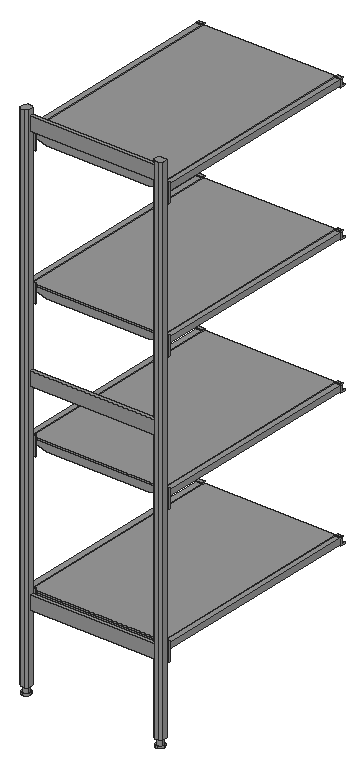
Revit family "QF_ZANUSSI_137070_CLS740", category Attrezzature speciali, Revit 2020
Family settings
  Quota connettore circolare = Usa diametro
  Tipo di parte = Normale
  Basato su piano di lavoro = No
  Sempre verticale = Sì
  Taglio con vuoti quando caricato = No
  Condiviso = No
  Punto di calcolo locali = No
Parameters (values of type "Standard")
  Weight = 15.00 kg
  Watts = 0 W
  Volts = 0 V
  URL Manufacturer = "http://www.zanussiprofessional.com"
  URL = "http://www.zanussiprofessional.com"
  Steam Supply Size = 0 mm
  Steam Supply Minimum Pressure = 0.0 Pa
  Steam Supply Maximum Pressure = 0.0 Pa
  Steam Consumption per Hour = 0
  Refrigeration Suction Line Size = 0.0 mm
  Refrigeration Liquid Line Size = 0.0 mm
  Refrigerant Compressor Remote = yes
  Prospetto di default = 0.0 mm
  Phase = 0
  Modello = "CLS740"
  Produttore = "Zanussi"
  Length Actual = 744.0 mm  # constant formula
  Item Number = "137070"
  Hot Water Size = 0 mm
  Height Actual = 1700.0 mm  # constant formula
  HP = "0 HP"
  Gas Size = 0 mm
  Gas KW = 0
  Gas Input Pressure = 0 W
  Direct Waste Size = 0 mm
  Descrizione = "ALUM.CORNER SHELV.-POLY.TIERS-475X744MM"
  Depth Actual = 475.0 mm  # constant formula
  Cycle = 0 Hz
  Condensate Return Size = 0 mm
  Compressed Air Volume = 0.0 L/s
  Compressed Air Size = 0 mm
  Compressed Air Pressure = 0.0 Pa
  Cold Water Size = 0 mm
  Accessory = yes
Reference planes
  plane 1: z = 0
  plane 2 "Center (F/B)": y = -163.5
  plane 3 "Front": y = -549.5
  plane 4 "Left": x = -217.5
  plane 5 "Right": x = 257.5
  plane 6 "TOP": z = 1700
  plane 7: y = -517.5
  plane 8: y = 190.5
  plane 9 "Center (Left/Right)": x = 20
  plane 10: y = 185.5
  plane 11: x = -186
  plane 12: x = 226
  plane 13 "FEET": z = 25
  plane 14: z = 275
  plane 15: z = 725
  plane 16: z = 1175
  plane 17: z = 1625
  plane 18 "CXLeft": y = -535.5
  plane 19: x = -200
  plane 20 "CYBack": x = -200
  plane 21 "CYFront": x = 138
  plane 22 "Back": y = 194.5
  plane 23 "LEFT_ORIGIN": x = -251.5
  plane 24 "BACK_Origin": y = 669.5
Forms (mm)
  Extrusion 1, solid, material "QF_Aluminum"
    sketch origin (0, -549.5, 0) x (-1, 0, 0) y (0, 0, 1)
      loop
        line (198.5, 1650.994) -> (198.5, 1632.998) -> (217.5, 1632.998) -> (217.5, 1650.994) -> (198.5, 1650.994)
      loop
        line (-238.5, 1650.994) -> (-257.5, 1650.994) -> (-257.5, 1632.998) -> (-238.5, 1632.998) -> (-238.5, 1650.994)
      loop
        line (198.5, 1200.994) -> (198.5, 1182.998) -> (217.5, 1182.998) -> (217.5, 1200.994) -> (198.5, 1200.994)
      loop
        line (-238.522, 1200.994) -> (-257.5, 1200.994) -> (-257.5, 1182.998) -> (-238.522, 1182.998) -> (-238.522, 1200.994)
      loop
        line (198.5, 750.994) -> (198.5, 732.998) -> (217.5, 732.998) -> (217.5, 750.994) -> (198.5, 750.994)
      loop
        line (-238.522, 750.994) -> (-257.5, 750.994) -> (-257.5, 732.998) -> (-238.522, 732.998) -> (-238.522, 750.994)
      loop
        line (198.5, 300.994) -> (198.5, 282.998) -> (217.5, 282.998) -> (217.5, 300.994) -> (198.5, 300.994)
      loop
        line (-238.522, 300.994) -> (-257.5, 300.994) -> (-257.5, 282.998) -> (-238.522, 282.998) -> (-238.522, 300.994)
    from 32 to 740
  Extrusion 2, solid, material "QF_Polyethylene"
    sketch origin (0, -549.5, 0) x (-1, 0, 0) y (0, 0, 1)
      loop
        line (196.507, 1650.994) -> (-236.522, 1650.994) -> (-236.522, 1644.496) -> (196.507, 1644.496) -> (196.507, 1650.994)
      loop
        line (196.507, 1200.994) -> (-236.522, 1200.994) -> (-236.522, 1194.496) -> (196.507, 1194.496) -> (196.507, 1200.994)
      loop
        line (196.507, 750.994) -> (-236.522, 750.994) -> (-236.522, 744.496) -> (196.507, 744.496) -> (196.507, 750.994)
      loop
        line (196.507, 300.994) -> (-236.522, 300.994) -> (-236.522, 294.496) -> (196.507, 294.496) -> (196.507, 300.994)
    from 32 to 740
Lines and regions (mm)
  symbolic lines
    curve 1: line (-198.5, 190.5, 1700) -> (-198.5, -517.5, 1700)
    curve 2: line (-217.5, -521.5, 1700) -> (-217.5, 190.5, 1700)
    curve 3: line (257.5, -521.5, 1700) -> (257.5, 190.5, 1700)
    curve 4: line (-181.507, -517.5, 1700) -> (221.507, -517.5, 1700)
    curve 5: line (238.522, -517.5, 1700) -> (238.522, 190.5, 1700)
    curve 6: line (-198.5, 190.5, 1700) -> (238.522, 190.5, 1700)
Dimensions and locks
  plane 3 "Front" to plane 2 "Center (F/B)" = 386.0 mm
  locked: plane 6 "TOP" to level at 1700
  locked: plane 4 "Left" to plane 5 "Right" at 475
  locked: plane 7 to plane 8 at 708
  locked: plane 3 "Front" to plane 7 at 32
  plane 10 to plane 8 = 5.0 mm
  locked: plane 11 to plane 12 at 412
  equal spacing: plane 11, plane 9 "Center (Left/Right)", plane 12
  equal spacing: plane 4 "Left", plane 9 "Center (Left/Right)", plane 5 "Right"
  plane 13 "FEET" to level = 25.0 mm
  plane 6 "TOP" to plane 13 "FEET" = 1675.0 mm
  plane 14 to plane 13 "FEET" = 250.0 mm
  plane 15 to plane 14 = 450.0 mm
  plane 16 to plane 15 = 450.0 mm
  plane 17 to plane 16 = 450.0 mm
  locked: plane 3 "Front" to plane 18 "CXLeft" at 14
  locked: plane 3 "Front" to plane 22 "Back" at 744
  plane 23 "LEFT_ORIGIN" to plane 5 "Right" = 509.0 mm
  locked: plane 22 "Back" to plane 24 "BACK_Origin" at 475
  aligned and locked: level to plane 1
  aligned and locked: Extrusion 2 to plane 7
  aligned and locked: plane 8 to Extrusion 2
  aligned and locked: Extrusion 1 to plane 7
  aligned and locked: plane 8 to Extrusion 1
  aligned and locked: Extrusion 1 sketch curve to Extrusion 1 sketch curve  (x2)
  aligned and locked: plane 18 "CXLeft" to nested 1
  aligned and locked: nested 2 to plane 10
Automatic sketch dimensions
  curve 2 to plane 4 "Left" = 0.0 mm
  curve 3 to plane 5 "Right" = 0.0 mm
  plane 7 to curve 1 = 0.0 mm
  plane 7 to curve 4 = 0.0 mm
  plane 7 to curve 5 = 0.0 mm
  plane 8 to curve 2 = 0.0 mm
  plane 8 to curve 1 = 0.0 mm
  plane 8 to curve 3 = 0.0 mm
  curve 5 to plane 21 "CYFront" = 100.522 mm
  plane 19 to curve 6 = 1.5 mm
  plane 7 to curve 3 = 4.0 mm
  plane 7 to curve 2 = 4.0 mm
  plane 12 to curve 4 = 4.493 mm
  curve 4 to plane 11 = 4.493 mm
  plane 5 "Right" to Extrusion 1 sketch curve = 0.0 mm  (x4)
  plane 4 "Left" to Extrusion 1 sketch curve = 0.0 mm  (x4)
  Extrusion 1 sketch curve to plane 21 "CYFront" = 100.522 mm
  Extrusion 1 sketch curve to plane 21 "CYFront" = 100.5 mm
  plane 19 to Extrusion 1 sketch curve = 1.5 mm  (x4)
  plane 14 to Extrusion 1 sketch curve = 7.998 mm  (x2)
  Extrusion 1 sketch curve to Extrusion 1 sketch curve = 17.997 mm  (x8)
  plane 15 to Extrusion 1 sketch curve = 7.998 mm  (x2)
  plane 16 to Extrusion 1 sketch curve = 7.998 mm  (x2)
  plane 17 to Extrusion 1 sketch curve = 7.998 mm  (x2)
  Extrusion 2 sketch curve to plane 21 "CYFront" = 98.522 mm  (x4)
  plane 19 to Extrusion 2 sketch curve = 3.493 mm  (x4)
  plane 14 to Extrusion 2 sketch curve = 19.496 mm
  Extrusion 2 sketch curve to Extrusion 2 sketch curve = 6.499 mm  (x4)
  plane 15 to Extrusion 2 sketch curve = 19.496 mm
  plane 16 to Extrusion 2 sketch curve = 19.496 mm
  plane 17 to Extrusion 2 sketch curve = 19.496 mm
Nested families
  nested 1: "WT_Anta475" at (-194.5, -132.5, 0) x (0, 1, 0) z (0, 0, 1), type "WT_Anta475"
  nested 2: "WT_Aggancio475" at (-194.5, 602.5, 0) x (0, 1, 0) z (0, 0, 1), type "WT_Aggancio475"
Definition of nested family "WT_Anta475"
  Parameters
    WidthLeft = A + 64.0 mm  # 772.0 mm
    Width = 1606.0 mm
    Right = WidthLeft / 2  # 386.0 mm
    Default Elevation = 0.0 mm
    Left = -WidthLeft / 2  # -386.0 mm
    Height = 1725.0 mm
    FEET = 25.0 mm
    E = 0.0 mm
    Dint = Depth - 63.0 mm  # 412.0 mm
    Dext = Depth - 8.0 mm  # 467.0 mm
    Depth = 475.0 mm
    DX = (WidthLeft - A) / 2  # 32.0 mm
    B = 798.0 mm
    A = 708.0 mm
  Reference planes
    plane 1: z = 0
    plane 2 "LEFT": x = -417
    plane 3 "BACK": y = 23
    plane 4 "FRONT": y = -452
    plane 5 "TOP": z = 1725
    plane 6 "Center (Front/Back)": y = -214.5
    plane 7: y = -8.5
    plane 8: y = -420.5
    plane 9 "FEET": z = 25
    plane 10: z = 275
    plane 11: z = 725
    plane 12: z = 1175
    plane 13: z = 1625
    plane 14 "CXLeft": x = -403
    plane 15: y = 5.5
    plane 16 "CYBack": y = 5.5
    plane 17 "CYFront": y = -434.5
    plane 18: x = -385.031
    plane 19: x = -380.031
  Forms (mm)
    Extrusion 1, solid
      sketch origin (0, 0, 0) x (1, 0, 0) y (0, 1, 0)
        loop
          line (-417, 13.246) -> (-417, -2.246) -> (-410.746, -8.5) -> (-395.254, -8.5) -> (-389, -2.246) -> (-389, 13.246) -> (-395.254, 19.5) -> (-410.746, 19.5) -> (-417, 13.246)
      from 1725 to 25
    Extrusion 2, solid
      sketch origin (-417, 0, 0) x (0, 1, 0) y (0, 0, 1)
        loop
          line (23, 246.005) -> (23, 307.993) -> (-12.993, 307.993) -> (-12.993, 246.005) -> (23, 246.005)
        loop
          line (-452, 246.005) -> (-416.007, 246.005) -> (-416.007, 307.993) -> (-452, 307.993) -> (-452, 246.005)
        loop
          line (23, 696.005) -> (23, 757.993) -> (-12.993, 757.993) -> (-12.993, 696.005) -> (23, 696.005)
        loop
          line (-452, 696.005) -> (-416.007, 696.005) -> (-416.007, 757.993) -> (-452, 757.993) -> (-452, 696.005)
        loop
          line (23, 1146.005) -> (23, 1207.993) -> (-12.993, 1207.993) -> (-12.993, 1146.005) -> (23, 1146.005)
        loop
          line (-452, 1146.005) -> (-416.007, 1146.005) -> (-416.007, 1207.993) -> (-452, 1207.993) -> (-452, 1146.005)
        loop
          line (23, 1596.005) -> (23, 1657.993) -> (-12.993, 1657.993) -> (-12.993, 1596.005) -> (23, 1596.005)
        loop
          line (-452, 1596.005) -> (-416.007, 1596.005) -> (-416.007, 1657.993) -> (-452, 1657.993) -> (-452, 1596.005)
      from 28 to 32
    Revolve 3, solid
      sketch origin (-403, 0, 0) x (0, 1, 0) y (0, 0, 1)
        loop
          line (5.5, 25) -> (5.5, 0) -> (19, 0) -> (19, 5) -> (14, 5) -> (14, 25) -> (5.5, 25)
        axis (5.5, 25) -> (5.5, 0)
      angle from 0 to 360
    Extrusion 4, solid
      sketch origin (-403, 0, 0) x (0, 1, 0) y (0, 0, 1)
        loop
          line (-8.5, 912.382) -> (-8.5, 957.374) -> (-420.5, 957.374) -> (-420.5, 912.382) -> (-8.5, 912.382)
        loop
          line (-8.5, 1662.244) -> (-8.5, 1707.236) -> (-420.5, 1707.236) -> (-420.5, 1662.244) -> (-8.5, 1662.244)
      from -5 to 5
    Revolve 5, solid
      sketch origin (-403, -627, 0) x (0, -1, 0) y (0, 0, 1)
        loop
          line (-192.5, 25) -> (-192.5, 0) -> (-179, 0) -> (-179, 5) -> (-184, 5) -> (-184, 25) -> (-192.5, 25)
        axis (-192.5, 25) -> (-192.5, 0)
      angle from 0 to 360
    Extrusion 6, solid
      sketch origin (0, -627, 0) x (1, 0, 0) y (0, 1, 0)
        loop
          line (-417, 184.754) -> (-410.746, 178.5) -> (-395.254, 178.5) -> (-389, 184.754) -> (-389, 200.246) -> (-395.254, 206.5) -> (-410.746, 206.5) -> (-417, 200.246) -> (-417, 184.754)
      from 1725 to 25
    Extrusion 7, solid
      sketch origin (-417.031, -0.022, 0) x (0, 1, 0) y (0, 0, -1)
        loop
          line (-12, -1632.998) -> (-46, -1620.994) -> (-383, -1620.994) -> (-417, -1632.998) -> (-433, -1632.998) -> (-433, -1650.994) -> (-431, -1650.994) -> (-431, -1644.496) -> (2.007, -1644.496) -> (2.007, -1650.994) -> (4, -1650.994) -> (4, -1632.998) -> (-12, -1632.998)
        loop
          line (-12, -1182.998) -> (-46, -1170.994) -> (-383, -1170.994) -> (-417, -1182.998) -> (-433, -1182.998) -> (-433, -1200.994) -> (-431, -1200.994) -> (-431, -1194.496) -> (2.007, -1194.496) -> (2.007, -1200.994) -> (4, -1200.994) -> (4, -1182.998) -> (-12, -1182.998)
        loop
          line (-12, -732.998) -> (-46, -720.994) -> (-383, -720.994) -> (-417, -732.998) -> (-433, -732.998) -> (-433, -750.994) -> (-431, -750.994) -> (-431, -744.496) -> (2.007, -744.496) -> (2.007, -750.994) -> (4, -750.994) -> (4, -732.998) -> (-12, -732.998)
        loop
          line (-12, -282.998) -> (-46, -270.994) -> (-383, -270.994) -> (-417, -282.998) -> (-433, -282.998) -> (-433, -300.994) -> (-431, -300.994) -> (-431, -294.496) -> (2.007, -294.496) -> (2.007, -300.994) -> (4, -300.994) -> (4, -282.998) -> (-12, -282.998)
      from -32 to -37
    Extrusion 8, solid
      sketch origin (-403, 0, -659.878) x (0, 1, 0) y (0, 0, 1)
        loop
          line (-8.5, 912.382) -> (-8.5, 957.374) -> (-420.5, 957.374) -> (-420.5, 912.382) -> (-8.5, 912.382)
        loop
          line (-8.5, 1572.382) -> (-8.5, 1617.374) -> (-420.5, 1617.374) -> (-420.5, 1572.382) -> (-8.5, 1572.382)
        loop
          line (-8.5, 2322.382) -> (-8.5, 2367.374) -> (-420.5, 2367.374) -> (-420.5, 2322.382) -> (-8.5, 2322.382)
      from -5 to 5
  Lines and regions (mm)
    symbolic lines
      curve 1: line (-408, -8.5, 1725) -> (-408, -420.5, 1725)
      curve 2: line (-398, -420.5, 1725) -> (-398, -8.5, 1725)
      curve 3: line (-395.254, -8.5, 1725) -> (-410.746, -8.5, 1725)
      curve 4: line (-417, -2.246, 1725) -> (-410.746, -8.5, 1725)
      curve 5: line (-417, 13.246, 1725) -> (-417, -2.246, 1725)
      curve 6: line (-410.746, 19.5, 1725) -> (-417, 13.246, 1725)
      curve 7: line (-395.254, 19.5, 1725) -> (-410.746, 19.5, 1725)
      curve 8: line (-389, 13.246, 1725) -> (-395.254, 19.5, 1725)
      curve 9: line (-395.254, -8.5, 1725) -> (-389, -2.246, 1725)
      curve 10: line (-395.254, -420.5, 1725) -> (-410.746, -420.5, 1725)
      curve 11: line (-417, -426.754, 1725) -> (-410.746, -420.5, 1725)
      curve 12: line (-410.746, -448.5, 1725) -> (-417, -442.246, 1725)
      curve 13: line (-395.254, -448.5, 1725) -> (-410.746, -448.5, 1725)
      curve 14: line (-389, -442.246, 1725) -> (-395.254, -448.5, 1725)
      curve 15: line (-395.254, -420.5, 1725) -> (-389, -426.754, 1725)
      curve 16: line (-389, -452, 1725) -> (-389, -416.007, 1725)
      curve 17: line (-389, -416.007, 1725) -> (-385, -416.007, 1725)
      curve 18: line (-389, 23, 1725) -> (-389, -12.993, 1725)
      curve 19: line (-389, -12.993, 1725) -> (-385, -12.993, 1725)
      curve 20: line (-417, -426.754, 1725) -> (-417, -442.246, 1725)
      curve 21: line (-385, -452, 1725) -> (-385, -416.007, 1725)
      curve 22: line (-385, -452, 1725) -> (-389, -452, 1725)
      curve 23: line (-385, 23, 1725) -> (-389, 23, 1725)
      curve 24: line (-385, -12.993, 1725) -> (-385, 23, 1725)
      curve 25: line (-385.031, -13.016, 1725) -> (-385.031, -416.029, 1725)
  Dimensions and locks
    "Height": plane 5 "TOP" to level
    "Depth": plane 3 "BACK" to plane 4 "FRONT"
    "Dint": plane 7 to plane 8
    equal spacing: plane 7, plane 6 "Center (Front/Back)", plane 8
    equal spacing: plane 3 "BACK", plane 6 "Center (Front/Back)", plane 4 "FRONT"
    plane 9 "FEET" to level = 25.0 mm
    plane 5 "TOP" to plane 9 "FEET" = 1700.0 mm
    plane 10 to plane 9 "FEET" = 250.0 mm
    plane 11 to plane 10 = 450.0 mm
    plane 12 to plane 11 = 450.0 mm
    plane 13 to plane 12 = 450.0 mm
    locked: plane 2 "LEFT" to plane 14 "CXLeft" at 14
    locked: plane 3 "BACK" to plane 16 "CYBack" at 17.5
    locked: plane 17 "CYFront" to plane 4 "FRONT" at 17.5
    locked: Revolve 3 sketch curve to Revolve 3 sketch curve at 8.5
    locked: Revolve 3 sketch curve to plane 16 "CYBack" at 13.5
    locked: Revolve 5 sketch curve to Revolve 5 sketch curve at 8.5
    aligned and locked: level to plane 1
    aligned and locked: curve 20 to Extrusion 6
    aligned and locked: plane 5 "TOP" to Extrusion 1
    aligned and locked: plane 5 "TOP" to Extrusion 6
    aligned and locked: Extrusion 7 sketch curve to Extrusion 7 sketch curve  (x3)
  Automatic sketch dimensions
    curve 16 to plane 4 "FRONT" = 0.0 mm
    curve 11 to plane 8 = 0.0 mm
    curve 9 to plane 7 = 0.0 mm
    curve 5 to plane 2 "LEFT" = 0.0 mm
    curve 23 to plane 3 "BACK" = 0.0 mm
    plane 4 "FRONT" to curve 13 = 3.5 mm
    curve 20 to plane 17 "CYFront" = 7.746 mm
    curve 20 to plane 8 = 6.254 mm
    plane 8 to curve 16 = 4.493 mm
    curve 24 to plane 18 = 0.031 mm
    curve 24 to plane 7 = 4.493 mm
    plane 7 to curve 5 = 6.254 mm
    curve 5 to plane 15 = 7.746 mm
    curve 6 to plane 3 "BACK" = 3.5 mm
    curve 21 to plane 18 = 0.031 mm
    plane 18 to curve 23 = 3.969 mm
    plane 18 to curve 16 = 3.969 mm
    curve 18 to curve 8 = 6.254 mm
    curve 18 to curve 3 = 6.254 mm
    curve 16 to curve 13 = 6.254 mm
    curve 16 to curve 15 = 6.254 mm
    plane 2 "LEFT" to curve 10 = 6.254 mm
    plane 2 "LEFT" to curve 7 = 6.254 mm
    plane 2 "LEFT" to curve 12 = 6.254 mm
    plane 2 "LEFT" to curve 3 = 6.254 mm
    curve 14 to plane 17 "CYFront" = 7.746 mm
    curve 15 to plane 8 = 6.254 mm
    plane 7 to curve 9 = 6.254 mm
    curve 8 to plane 15 = 7.746 mm
    curve 3 to curve 2 = 2.746 mm
    curve 1 to curve 10 = 2.746 mm
    Extrusion 1 sketch curve to plane 2 "LEFT" = 0.0 mm
    Extrusion 1 sketch curve to plane 7 = 0.0 mm
    plane 2 "LEFT" to Extrusion 1 sketch curve = 6.254 mm  (x2)
    plane 14 "CXLeft" to Extrusion 1 sketch curve = 7.746 mm  (x2)
    Extrusion 1 sketch curve to plane 3 "BACK" = 3.5 mm
    plane 18 to Extrusion 1 sketch curve = 3.969 mm
    plane 7 to Extrusion 1 sketch curve = 6.254 mm  (x2)
    Extrusion 1 sketch curve to plane 15 = 7.746 mm  (x2)
    Extrusion 2 sketch curve to plane 4 "FRONT" = 0.0 mm  (x4)
    Extrusion 2 sketch curve to plane 3 "BACK" = 0.0 mm  (x4)
    plane 8 to Extrusion 2 sketch curve = 4.493 mm  (x4)
    Extrusion 2 sketch curve to plane 7 = 4.493 mm  (x4)
    Extrusion 2 sketch curve to plane 10 = 28.995 mm  (x2)
    plane 10 to Extrusion 2 sketch curve = 32.993 mm  (x2)
    Extrusion 2 sketch curve to plane 11 = 28.995 mm  (x2)
    plane 11 to Extrusion 2 sketch curve = 32.993 mm  (x2)
    Extrusion 2 sketch curve to plane 12 = 28.995 mm  (x2)
    plane 12 to Extrusion 2 sketch curve = 32.993 mm  (x2)
    Extrusion 2 sketch curve to plane 13 = 28.995 mm  (x2)
    plane 13 to Extrusion 2 sketch curve = 32.993 mm  (x2)
    Revolve 3 sketch curve to plane 9 "FEET" = 0.0 mm  (x2)
    Revolve 3 sketch curve to plane 15 = 0.0 mm  (x2)
    Revolve 3 sketch curve to level = 0.0 mm
    level to Revolve 3 sketch curve = 5.0 mm
    Revolve 3 sketch curve to Revolve 3 sketch curve = 11.655 mm
    Extrusion 4 sketch curve to plane 8 = 0.0 mm  (x2)
    Extrusion 4 sketch curve to plane 7 = 0.0 mm  (x2)
    plane 11 to Extrusion 4 sketch curve = 187.382 mm
    Extrusion 4 sketch curve to Extrusion 4 sketch curve = 44.992 mm
    plane 13 to Extrusion 4 sketch curve = 37.244 mm
    Extrusion 4 sketch curve to plane 5 "TOP" = 17.764 mm
    Revolve 5 sketch curve to plane 9 "FEET" = 0.0 mm  (x2)
    Revolve 5 sketch curve to plane 17 "CYFront" = 0.0 mm  (x2)
    Revolve 5 sketch curve to level = 0.0 mm
    Revolve 5 sketch curve to plane 4 "FRONT" = 4.0 mm
    Revolve 5 sketch curve to Revolve 5 sketch curve = 5.0 mm
    level to Revolve 5 sketch curve = 11.655 mm
    Extrusion 6 sketch curve to plane 2 "LEFT" = 0.0 mm
    Extrusion 6 sketch curve to plane 8 = 0.0 mm
    Extrusion 6 sketch curve to plane 2 "LEFT" = 6.254 mm  (x2)
    Extrusion 6 sketch curve to plane 14 "CXLeft" = 7.746 mm  (x2)
    Extrusion 6 sketch curve to plane 4 "FRONT" = 3.5 mm
    Extrusion 6 sketch curve to plane 18 = 3.969 mm
    plane 8 to Extrusion 6 sketch curve = 6.254 mm  (x2)
    plane 17 "CYFront" to Extrusion 6 sketch curve = 7.746 mm  (x2)
    plane 17 "CYFront" to Extrusion 7 sketch curve = 1.478 mm  (x4)
    Extrusion 7 sketch curve to Extrusion 7 sketch curve = 2.0 mm
    plane 8 to Extrusion 7 sketch curve = 3.478 mm  (x4)
    Extrusion 7 sketch curve to plane 10 = 4.006 mm
    Extrusion 7 sketch curve to Extrusion 7 sketch curve = 34.0 mm  (x4)
    Extrusion 7 sketch curve to plane 11 = 4.006 mm
    Extrusion 7 sketch curve to plane 12 = 4.006 mm
    Extrusion 7 sketch curve to plane 13 = 4.006 mm
    Extrusion 7 sketch curve to plane 7 = 37.522 mm  (x4)
    Extrusion 7 sketch curve to plane 7 = 3.522 mm  (x4)
    plane 15 to Extrusion 7 sketch curve = 3.516 mm  (x4)
    plane 15 to Extrusion 7 sketch curve = 1.522 mm  (x4)
    plane 13 to Extrusion 7 sketch curve = 7.998 mm  (x2)
    Extrusion 7 sketch curve to Extrusion 7 sketch curve = 11.498 mm
    Extrusion 7 sketch curve to Extrusion 7 sketch curve = 6.499 mm  (x5)
    plane 12 to Extrusion 7 sketch curve = 25.994 mm  (x2)
    plane 12 to Extrusion 7 sketch curve = 7.998 mm  (x2)
    plane 11 to Extrusion 7 sketch curve = 25.994 mm  (x2)
    plane 11 to Extrusion 7 sketch curve = 7.998 mm  (x2)
    plane 10 to Extrusion 7 sketch curve = 25.994 mm  (x2)
    plane 10 to Extrusion 7 sketch curve = 7.998 mm  (x2)
    curve 25 to plane 18 = 0.0 mm
    plane 8 to curve 25 = 4.471 mm
    curve 25 to plane 7 = 4.516 mm
    Extrusion 8 sketch curve to plane 8 = 0.0 mm  (x3)
    Extrusion 8 sketch curve to plane 7 = 0.0 mm  (x3)
    Extrusion 8 sketch curve to plane 10 = 22.496 mm
    plane 10 to Extrusion 8 sketch curve = 22.496 mm
    plane 11 to Extrusion 8 sketch curve = 187.504 mm
    Extrusion 8 sketch curve to Extrusion 8 sketch curve = 44.992 mm
    plane 13 to Extrusion 8 sketch curve = 37.504 mm
    Extrusion 8 sketch curve to plane 5 "TOP" = 17.504 mm
Definition of nested family "WT_Aggancio475"
  Parameters
    WidthLeft = A + 64.0 mm  # 772.0 mm
    Width = 1606.0 mm
    Right = WidthLeft / 2  # 386.0 mm
    Default Elevation = 0.0 mm
    Left = -WidthLeft / 2  # -386.0 mm
    Height = 1725.0 mm
    FEET = 25.0 mm
    E = 0.0 mm
    Dint = Depth - 63.0 mm  # 412.0 mm
    Dext = Depth - 8.0 mm  # 467.0 mm
    Depth = 475.0 mm
    DX = (WidthLeft - A) / 2  # 32.0 mm
    B = 798.0 mm
    A = 708.0 mm
  Reference planes
    plane 1: z = 0
    plane 2 "LEFT": x = -417
    plane 3 "BACK": y = 23
    plane 4 "FRONT": y = -452
    plane 5 "TOP": z = 1725
    plane 6 "Center (Front/Back)": y = -214.5
    plane 7: y = -8.5
    plane 8: y = -420.5
    plane 9 "FEET": z = 25
    plane 10: z = 275
    plane 11: z = 725
    plane 12: z = 1175
    plane 13: z = 1625
    plane 14: y = 5.5
    plane 15 "CYBack": y = 5.5
    plane 16 "CYFront": y = -434.5
  Forms (mm)
    Extrusion 1, solid
      sketch origin (-380, -0.022, 0) x (0, 1, 0) y (0, 0, 1)
        loop
          line (-12, 1632.998) -> (4, 1632.998) -> (4, 1650.994) -> (2.007, 1650.994) -> (2.007, 1644.496) -> (-431, 1644.496) -> (-431, 1650.994) -> (-433, 1650.994) -> (-433, 1632.998) -> (-417, 1632.998) -> (-383, 1620.994) -> (-46, 1620.994) -> (-12, 1632.998)
        loop
          line (-12, 1182.998) -> (4, 1182.998) -> (4, 1200.994) -> (2.007, 1200.994) -> (2.007, 1194.496) -> (-431, 1194.496) -> (-431, 1200.994) -> (-433, 1200.994) -> (-433, 1182.998) -> (-417, 1182.998) -> (-383, 1170.994) -> (-46, 1170.994) -> (-12, 1182.998)
        loop
          line (-12, 732.998) -> (4, 732.998) -> (4, 750.994) -> (2.007, 750.994) -> (2.007, 744.496) -> (-431, 744.496) -> (-431, 750.994) -> (-433, 750.994) -> (-433, 732.998) -> (-417, 732.998) -> (-383, 720.994) -> (-46, 720.994) -> (-12, 732.998)
        loop
          line (-12, 282.998) -> (4, 282.998) -> (4, 300.994) -> (2.007, 300.994) -> (2.007, 294.496) -> (-431, 294.496) -> (-431, 300.994) -> (-433, 300.994) -> (-433, 282.998) -> (-417, 282.998) -> (-383, 270.994) -> (-46, 270.994) -> (-12, 282.998)
      from -32 to -37
    Extrusion 2, solid
      sketch origin (-793.062, -324.754, 6.5) x (1, 0, 0) y (0, 0, 1)
        loop
          line (385.062, 1644.496) -> (385.062, 1647.496) -> (376.062, 1647.496) -> (376.062, 1620.994) -> (390.031, 1620.994) -> (390.031, 1626.496) -> (381.062, 1626.496) -> (381.062, 1644.496) -> (385.062, 1644.496)
        loop
          line (385.062, 1194.496) -> (385.062, 1197.496) -> (376.062, 1197.496) -> (376.062, 1170.994) -> (390.031, 1170.994) -> (390.031, 1176.496) -> (381.062, 1176.496) -> (381.062, 1194.496) -> (385.062, 1194.496)
        loop
          line (385.062, 744.496) -> (385.062, 747.496) -> (376.062, 747.496) -> (376.062, 720.994) -> (390.031, 720.994) -> (390.031, 726.496) -> (381.062, 726.496) -> (381.062, 744.496) -> (385.062, 744.496)
        loop
          line (385.062, 294.496) -> (385.062, 297.496) -> (376.062, 297.496) -> (376.062, 270.994) -> (390.031, 270.994) -> (390.031, 276.496) -> (381.062, 276.496) -> (381.062, 294.496) -> (385.062, 294.496)
      from 108.268 to 127.246
    Extrusion 3, solid
      sketch origin (-793.062, 32.754, 6.5) x (1, 0, 0) y (0, 0, 1)
        loop
          line (385.062, 1644.496) -> (385.062, 1647.496) -> (376.062, 1647.496) -> (376.062, 1620.994) -> (390.031, 1620.994) -> (390.031, 1626.496) -> (381.062, 1626.496) -> (381.062, 1644.496) -> (385.062, 1644.496)
        loop
          line (385.062, 1194.496) -> (385.062, 1197.496) -> (376.062, 1197.496) -> (376.062, 1170.994) -> (390.031, 1170.994) -> (390.031, 1176.496) -> (381.062, 1176.496) -> (381.062, 1194.496) -> (385.062, 1194.496)
        loop
          line (385.062, 744.496) -> (385.062, 747.496) -> (376.062, 747.496) -> (376.062, 720.994) -> (390.031, 720.994) -> (390.031, 726.496) -> (381.062, 726.496) -> (381.062, 744.496) -> (385.062, 744.496)
        loop
          line (385.062, 294.496) -> (385.062, 297.496) -> (376.062, 297.496) -> (376.062, 270.994) -> (390.031, 270.994) -> (390.031, 276.496) -> (381.062, 276.496) -> (381.062, 294.496) -> (385.062, 294.496)
      from 9.754 to 28.776
  Lines and regions (mm)
    symbolic lines
      curve 1: line (-412, -452, 0) -> (-408, -452, 0)
      curve 2: line (-412, -433.022, 0) -> (-412, -452, 0)
      curve 3: line (-408, -433.022, 0) -> (-412, -433.022, 0)
      curve 4: line (-408, -452, 0) -> (-408, -433.022, 0)
      curve 5: line (-412, 3.978, 0) -> (-408, 3.978, 0)
      curve 6: line (-412, 23, 0) -> (-412, 3.978, 0)
      curve 7: line (-408, 23, 0) -> (-412, 23, 0)
      curve 8: line (-408, 3.978, 0) -> (-408, 23, 0)
  Dimensions and locks
    "Height": plane 5 "TOP" to level
    "Depth": plane 3 "BACK" to plane 4 "FRONT"
    "Dint": plane 7 to plane 8
    equal spacing: plane 7, plane 6 "Center (Front/Back)", plane 8
    equal spacing: plane 3 "BACK", plane 6 "Center (Front/Back)", plane 4 "FRONT"
    plane 9 "FEET" to level = 25.0 mm
    plane 5 "TOP" to plane 9 "FEET" = 1700.0 mm
    plane 10 to plane 9 "FEET" = 250.0 mm
    plane 11 to plane 10 = 450.0 mm
    plane 12 to plane 11 = 450.0 mm
    plane 13 to plane 12 = 450.0 mm
    locked: plane 3 "BACK" to plane 15 "CYBack" at 17.5
    locked: plane 16 "CYFront" to plane 4 "FRONT" at 17.5
    aligned and locked: level to plane 1
    aligned and locked: Extrusion 1 sketch curve to Extrusion 1 sketch curve  (x3)
  Automatic sketch dimensions
    plane 16 "CYFront" to Extrusion 1 sketch curve = 1.478 mm  (x4)
    Extrusion 1 sketch curve to Extrusion 1 sketch curve = 2.0 mm
    plane 8 to Extrusion 1 sketch curve = 3.478 mm  (x4)
    Extrusion 1 sketch curve to plane 10 = 4.006 mm
    Extrusion 1 sketch curve to Extrusion 1 sketch curve = 34.0 mm  (x4)
    Extrusion 1 sketch curve to plane 11 = 4.006 mm
    Extrusion 1 sketch curve to plane 12 = 4.006 mm
    Extrusion 1 sketch curve to plane 13 = 4.006 mm
    Extrusion 1 sketch curve to plane 7 = 37.522 mm  (x4)
    Extrusion 1 sketch curve to plane 7 = 3.522 mm  (x4)
    plane 14 to Extrusion 1 sketch curve = 3.516 mm  (x4)
    plane 14 to Extrusion 1 sketch curve = 1.522 mm  (x4)
    plane 10 to Extrusion 1 sketch curve = 7.998 mm  (x2)
    Extrusion 1 sketch curve to Extrusion 1 sketch curve = 11.498 mm  (x4)
    Extrusion 1 sketch curve to Extrusion 1 sketch curve = 6.499 mm  (x8)
    plane 11 to Extrusion 1 sketch curve = 7.998 mm  (x2)
    plane 12 to Extrusion 1 sketch curve = 7.998 mm  (x2)
    plane 13 to Extrusion 1 sketch curve = 7.998 mm  (x2)
    plane 2 "LEFT" to Extrusion 2 sketch curve = 0.0 mm  (x4)
    plane 13 to Extrusion 2 sketch curve = 7.996 mm
    plane 11 to Extrusion 2 sketch curve = 7.996 mm
    Extrusion 2 sketch curve to Extrusion 2 sketch curve = 5.0 mm  (x4)
    plane 11 to Extrusion 2 sketch curve = 2.494 mm
    plane 10 to Extrusion 2 sketch curve = 28.996 mm
    Extrusion 2 sketch curve to Extrusion 2 sketch curve = 3.0 mm  (x4)
    plane 10 to Extrusion 2 sketch curve = 7.996 mm
    plane 10 to Extrusion 2 sketch curve = 2.494 mm
    Extrusion 2 sketch curve to Extrusion 2 sketch curve = 18.0 mm  (x3)
    plane 12 to Extrusion 2 sketch curve = 2.494 mm
    plane 12 to Extrusion 2 sketch curve = 7.996 mm
    plane 13 to Extrusion 2 sketch curve = 2.494 mm
    plane 2 "LEFT" to Extrusion 3 sketch curve = 0.0 mm  (x4)
    plane 13 to Extrusion 3 sketch curve = 7.996 mm
    plane 11 to Extrusion 3 sketch curve = 7.996 mm
    Extrusion 3 sketch curve to Extrusion 3 sketch curve = 5.0 mm  (x4)
    plane 11 to Extrusion 3 sketch curve = 2.494 mm
    plane 10 to Extrusion 3 sketch curve = 28.996 mm
    Extrusion 3 sketch curve to Extrusion 3 sketch curve = 3.0 mm  (x4)
    plane 10 to Extrusion 3 sketch curve = 7.996 mm
    plane 10 to Extrusion 3 sketch curve = 2.494 mm
    Extrusion 3 sketch curve to Extrusion 3 sketch curve = 18.0 mm  (x3)
    plane 12 to Extrusion 3 sketch curve = 2.494 mm
    plane 12 to Extrusion 3 sketch curve = 7.996 mm
    plane 13 to Extrusion 3 sketch curve = 2.494 mm
    plane 2 "LEFT" to curve 1 = 5.0 mm
    plane 2 "LEFT" to curve 7 = 5.0 mm
    curve 1 to plane 16 "CYFront" = 17.5 mm
    curve 3 to plane 8 = 12.522 mm
    plane 7 to curve 5 = 12.478 mm
    curve 7 to plane 14 = 17.5 mm
    curve 5 to curve 5 = 4.0 mm
    curve 1 to curve 4 = 4.0 mm
    Extrusion 2 sketch curve to Extrusion 2 sketch curve = 4.0 mm  (x4)
    Extrusion 2 sketch curve to Extrusion 2 sketch curve = 8.969 mm  (x4)
    Extrusion 3 sketch curve to Extrusion 3 sketch curve = 4.0 mm  (x4)
    Extrusion 3 sketch curve to Extrusion 3 sketch curve = 8.969 mm  (x4)
